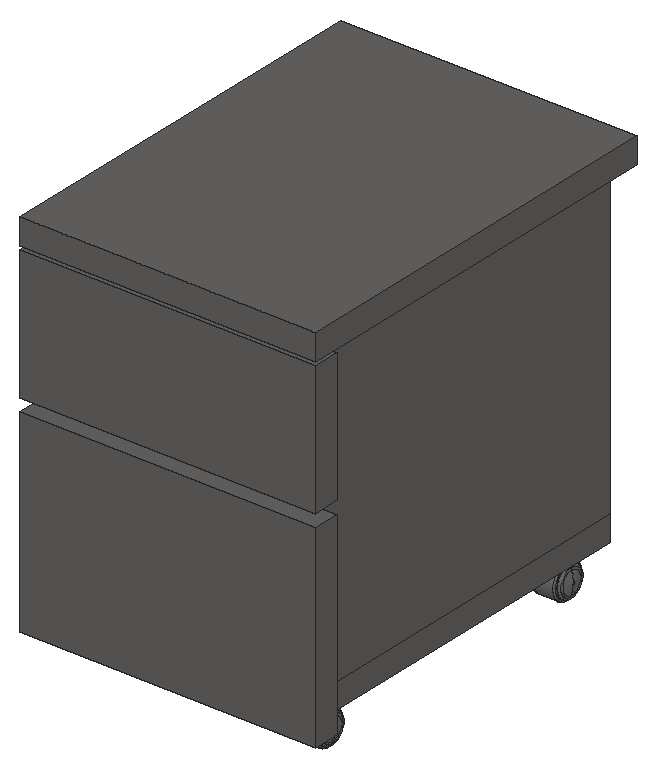
Revit family "Storage-Pedestal-Teknion-ZXMP-R2011", category Furniture Systems, Revit 2013
Parameters (values of type "24" x 18" x 25"")
  Width = 17.717"
  Warranty = "http://www.teknionstudio.com/pdfs/Teknion%20Studio%20Warranty.pdf"
  Unit Weight = 82.00 lbf
  Unit Finish [instance] = Veneer - Teknion - P7 - Grey Oak
  URL = "www.teknionstudio.com"
  Tabletop Right Length = if(Has Right Door, 40", if(Has Double Right Door, 60", 20"))  # 60"
  Tabletop Left Length = if(Has Left Door, 40", if(Has Double Left Door, 60", 20"))  # 60"
  Tabletop Cutout Offset = if(Has Wire Management, 0", 4")  # 0"
  Single Door Cutout Offset = if(Has Left Door, 0", if(Has Right Door, 0", 4"))  # 4"
  Series = "B&B Italia"
  Right Doors Length = if(Has Right Door, (40" - 1.575"), if(Has Double Right Door, (60" - 1.575"), 18.425"))  # 58.425"
  Product Page URL = "http://www.teknionstudio.com/acexecutive/"
  Product Line = "AC Executive"
  Product Documentation Link = "http://www.teknionstudio.com/pricing/ac_executive_ppg.pdf"
  Part Number = "ZXMP"
  Model = "ZXFP241825"
  Manufacturer Phone = "919-464-2920"
  Manufacturer Fax = "919-464-2927"
  Manufacturer Email = "customersupport@teknionstudio.com"
  Manufacturer Address = "3940 US 70 Business HWY West, Clayton, NC 27520"
  Manufacturer = "Teknion Studio"  # constant formula
  Low Emitting Material = yes
  Low Emitting Finish = yes
  Left and Right Reference Planes Offset = if(Has Double Right Door, 0", if(Has Double Left Door, 40", if(Has Right Door, 20", 40")))  # 0"
  Left Doors Length = if(Has Left Door, (40" - 1.575"), if(Has Double Left Door, (60" - 1.575"), 18.425"))  # 58.425"
  Height = 24.96"  # constant formula
  Has Left Door = no
  Has Double Left Door = yes
  Has Right Door = no
  Has Double Right Door = yes
  Has Wire Management = yes
  Drawers Length = 40"  # constant formula
  Double Door Cutout Offset = if(Has Double Left Door, 0", if(Has Double Right Door, 0", 5"))  # 0"
  Description = "Mobile Pedestal, 24\"d x 18\"w x 25\"h"
  Depth = 24"  # constant formula
  Bottom Rigth Length = if(Has Right Door, 40", if(Has Double Right Door, 60", 20"))  # 60"
  Bottom Left Length = if(Has Left Door, 40", if(Has Double Left Door, 60", 20"))  # 60"
  Assembly Code = "E2020200"
Reference planes (in)
  plane 1 "Center F/B": y = 0
  plane 2: z = 0
  plane 3 "Center L/R": x = 0
  plane 4 "Unit Left": x = -7.2835
  plane 5 "Unit Right": x = 7.2835
  plane 6 "Back": y = 12
  plane 7 "Front": y = -12
  plane 8 "Top": z = 24.96
  plane 9: z = 2.6181
  plane 10 "Wheel Centerline": y = -7.8424
  plane 11 "Elevation": z = 13.01936
  plane 12: z = 23.42063
  plane 13 "Left": x = -8.8585
  plane 14 "Right": x = 8.8585
  plane 15: x = -5.6368
  plane 16: x = 5.6368
  plane 17 "Wheel Back Centerline": y = 10.0491
  plane 18: z = 1.06334
Forms (in)
  Sweep 1, solid, material "Veneer - Teknion - P7 - Grey Oak" <- "Unit Finish"
    path origin (0, 0, 15.40683) x (-1, 0, 0) y (0, -1, 0)
      loop
        line (0, -12) -> (0, 12)
    profile origin (0, 0, 15.40683) x (1, 0, 0) y (0, 0, 1)
      loop
        line (-8.8585, 9.55317) -> (-8.8585, 8.0138) -> (8.8585, 8.0138) -> (8.8585, 9.55317) -> (-8.8585, 9.55317)
  Sweep 2, solid, material "Veneer - Teknion - P7 - Grey Oak" <- "Unit Finish"
    path origin (0, -12, 0) x (1, 0, 0) y (0, 0, 1)
      loop
        line (-7.2835, 2.6181) -> (7.2835, 2.6181)
    profile origin (0, -12, 2.6181) x (0, 0, 1) y (0, -1, 0)
      loop
        line (1.53937, -1.6) -> (0, -1.6) -> (0, -24) -> (1.53937, -24) -> (1.53937, -1.6)
  Sweep 3, solid, material "Veneer - Teknion - P7 - Grey Oak" <- "Unit Finish"
    path origin (0, 0, 15.40683) x (-1, 0, 0) y (0, -1, 0)
      loop
        line (7.2835, 0) -> (-7.2835, 0)
    profile origin (0, 0, 15.40683) x (0, 1, 0) y (0, 0, 1)
      loop
        line (12, -11.24936) -> (12, 8.0138) -> (-10.32283, 8.0138) -> (-10.32283, -11.24936) -> (12, -11.24936)
  Sweep 4, solid, material "Veneer - Teknion - P7 - Grey Oak" <- "Unit Finish"
    path origin (0, -12, 0) x (1, 0, 0) y (0, 0, 1)
      loop
        line (-8.8585, 13.01936) -> (8.8585, 13.01936)
    profile origin (0, -12, 13.01936) x (0, 0, 1) y (0, -1, 0)
      loop
        line (10.15126, -1.6) -> (10.15126, 0) -> (2.25006, 0) -> (2.25006, -1.6) -> (10.15126, -1.6)
      loop
        line (1.46266, 0) -> (-10.33876, 0) -> (-10.33876, -1.6) -> (1.46266, -1.6) -> (1.46266, 0)
  Revolve 5, solid, material "Plastic - Teknion - Black Matte"
    sketch origin (0, -7.8424, 0) x (0, 0, -1) y (1, 0, 0)
      loop
        line (-1.06334, -6.64302) -> (-1.06334, -4.63058) -> (-1.1252, -4.63058) -> (-1.73224, -4.74858) -> (-1.8542, -4.74858)
        arc (-1.8542, -4.74858) -> (-1.93552, -4.78226) -> (-1.9692, -4.86358) r 0.115
        line (-1.9692, -4.86358) -> (-1.9692, -4.93771) -> (-2.02213, -4.93771)
        arc (-2.02213, -4.93771) -> (-2.07781, -4.96077) -> (-2.10087, -5.01645) r 0.07874
        line (-2.10087, -5.01645) -> (-2.10087, -6.2566)
        arc (-2.10087, -6.2566) -> (-2.07781, -6.31228) -> (-2.02213, -6.33534) r 0.07874
        line (-2.02213, -6.33534) -> (-1.9692, -6.33534) -> (-1.9692, -6.41002)
        arc (-1.9692, -6.41002) -> (-1.93552, -6.49134) -> (-1.8542, -6.52502) r 0.115
        line (-1.8542, -6.52502) -> (-1.73224, -6.52502) -> (-1.1252, -6.64302) -> (-1.06334, -6.64302)
      axis (-1.06334, -6.64302) -> (-1.06334, -4.63058)
    angle from 0 to 360
  Revolve 6, solid, material "Plastic - Teknion - Black Matte"
    sketch origin (0, -7.8424, 0) x (0, 0, -1) y (-1, 0, 0)
      loop
        line (-1.06334, -6.64302) -> (-1.06334, -4.63058) -> (-1.1252, -4.63058) -> (-1.73224, -4.74858) -> (-1.8542, -4.74858)
        arc (-1.8542, -4.74858) -> (-1.93552, -4.78226) -> (-1.9692, -4.86358) r 0.115
        line (-1.9692, -4.86358) -> (-1.9692, -4.93771) -> (-2.02213, -4.93771)
        arc (-2.02213, -4.93771) -> (-2.07781, -4.96077) -> (-2.10087, -5.01645) r 0.07874
        line (-2.10087, -5.01645) -> (-2.10087, -6.2566)
        arc (-2.10087, -6.2566) -> (-2.07781, -6.31228) -> (-2.02213, -6.33534) r 0.07874
        line (-2.02213, -6.33534) -> (-1.9692, -6.33534) -> (-1.9692, -6.41002)
        arc (-1.9692, -6.41002) -> (-1.93552, -6.49134) -> (-1.8542, -6.52502) r 0.115
        line (-1.8542, -6.52502) -> (-1.73224, -6.52502) -> (-1.1252, -6.64302) -> (-1.06334, -6.64302)
      axis (-1.06334, -6.64302) -> (-1.06334, -4.63058)
    angle from 0 to 360
  Revolve 7, solid, material "Plastic - Teknion - Black Matte"
    sketch origin (0, 10.0491, 0) x (0, 0, -1) y (1, 0, 0)
      loop
        line (-1.06334, -6.64302) -> (-1.06334, -4.63058) -> (-1.1252, -4.63058) -> (-1.73224, -4.74858) -> (-1.8542, -4.74858)
        arc (-1.8542, -4.74858) -> (-1.93552, -4.78226) -> (-1.9692, -4.86358) r 0.115
        line (-1.9692, -4.86358) -> (-1.9692, -4.93771) -> (-2.02213, -4.93771)
        arc (-2.02213, -4.93771) -> (-2.07781, -4.96077) -> (-2.10087, -5.01645) r 0.07874
        line (-2.10087, -5.01645) -> (-2.10087, -6.2566)
        arc (-2.10087, -6.2566) -> (-2.07781, -6.31228) -> (-2.02213, -6.33534) r 0.07874
        line (-2.02213, -6.33534) -> (-1.9692, -6.33534) -> (-1.9692, -6.41002)
        arc (-1.9692, -6.41002) -> (-1.93552, -6.49134) -> (-1.8542, -6.52502) r 0.115
        line (-1.8542, -6.52502) -> (-1.73224, -6.52502) -> (-1.1252, -6.64302) -> (-1.06334, -6.64302)
      axis (-1.06334, -6.64302) -> (-1.06334, -4.63058)
    angle from 0 to 360
  Revolve 8, solid, material "Plastic - Teknion - Black Matte"
    sketch origin (0, 10.0491, 0) x (0, 0, -1) y (1, 0, 0)
      loop
        line (-1.06334, 6.64302) -> (-1.1252, 6.64302) -> (-1.73224, 6.52502) -> (-1.8542, 6.52502)
        arc (-1.8542, 6.52502) -> (-1.93552, 6.49134) -> (-1.9692, 6.41002) r 0.115
        line (-1.9692, 6.41002) -> (-1.9692, 6.33534) -> (-2.02213, 6.33534)
        arc (-2.02213, 6.33534) -> (-2.07781, 6.31228) -> (-2.10087, 6.2566) r 0.07874
        line (-2.10087, 6.2566) -> (-2.10087, 5.01645)
        arc (-2.10087, 5.01645) -> (-2.07781, 4.96077) -> (-2.02213, 4.93771) r 0.07874
        line (-2.02213, 4.93771) -> (-1.9692, 4.93771) -> (-1.9692, 4.86358)
        arc (-1.9692, 4.86358) -> (-1.93552, 4.78226) -> (-1.8542, 4.74858) r 0.115
        line (-1.8542, 4.74858) -> (-1.73224, 4.74858) -> (-1.1252, 4.63058) -> (-1.06334, 4.63058) -> (-1.06334, 6.64302)
      axis (-1.06334, 6.64302) -> (-1.06334, 4.63058)
    angle from 0 to 360
  Sweep 9, solid, material "Plastic - Teknion - Black Matte"
    path origin (0, -12, 0) x (1, 0, 0) y (0, 0, 1)
      loop
        line (0, 2.6181) -> (0, 1.06334)
    profile origin (0, -12, 1.84072) x (0, -1, 0) y (1, 0, 0)
      loop
        circle (-21.5991, -5.6368) r 0.2395
      loop
        circle (-21.5991, 5.6368) r 0.2395
      loop
        circle (-3.7076, -5.6368) r 0.2395
      loop
        circle (-3.7076, 5.6368) r 0.2395
Cuts and joins
  joined: Revolve 5, Revolve 6, Revolve 7, Revolve 8, Sweep 9
Lines and regions (in)
  Masking region 1
    outline origin (0, 0, 15.40683) x (-1, 0, 0) y (0, -1, 0)
      loop
        line (8.8585, -12) -> (8.8585, 12) -> (-8.8585, 12) -> (-8.8585, -12) -> (8.8585, -12)
Dimensions and locks (in)
  equal spacing: plane 6 "Back", plane 1 "Center F/B", plane 7 "Front"
  "Depth": plane 6 "Back" to plane 7 "Front"
  locked: plane 13 "Left" to plane 4 "Unit Left" at 1.575
  locked: plane 5 "Unit Right" to plane 14 "Right" at 1.575
  "Height": plane 8 "Top" to plane 2
  plane 9 to plane 2 = 2.6181"
  locked: plane 7 "Front" to Sweep 2 sketch curve at 1.6
  locked: plane 8 "Top" to Sweep 3 sketch curve at 1.53937
  locked: Sweep 3 sketch curve to plane 7 "Front" at 1.67717
  locked: plane 8 "Top" to plane 12 at 1.53937
  equal spacing: plane 12, plane 11 "Elevation", plane 9
  locked: Sweep 4 sketch curve to plane 12 at 0.25
  locked: Sweep 4 sketch curve to plane 7 "Front" at 1.6  (x2)
  equal spacing: plane 13 "Left", plane 3 "Center L/R", plane 14 "Right"
  "Width": plane 13 "Left" to plane 14 "Right"
  locked: plane 7 "Front" to plane 10 "Wheel Centerline" at 4.1576
  locked: Sweep 4 sketch curve to Sweep 4 sketch curve at 7.9012
  locked: Sweep 4 sketch curve to Sweep 4 sketch curve at 0.7874
  locked: plane 13 "Left" to plane 15 at 3.2217
  locked: plane 16 to plane 14 "Right" at 3.2217
  locked: Sweep 2 sketch curve to plane 9 at 1.53937
  locked: plane 9 to Sweep 3 sketch curve at 1.53937
  locked: Sweep 4 sketch curve to plane 9 at 0.0625
  locked: plane 17 "Wheel Back Centerline" to plane 6 "Back" at 1.9509
  locked: plane 18 to plane 2 at 1.06334
  Revolve 5 sketch curve to Revolve 5 sketch curve to Revolve 5 sketch curve to plane 15 to Revolve 5 sketch curve to Revolve 5 sketch curve to Revolve 5 sketch curve = 0.118" locked, 0.18968" locked, 0.69854" locked, 0.69909" locked, 0.18913" locked, 0.118" locked
  locked: Revolve 5 sketch curve to plane 18 at 1.03753
  locked: Revolve 6 sketch curve to plane 18 at 1.03753
  Revolve 6 sketch curve to Revolve 6 sketch curve to Revolve 6 sketch curve to plane 16 to Revolve 6 sketch curve to Revolve 6 sketch curve to Revolve 6 sketch curve = 0.118" locked, 0.18913" locked, 0.69909" locked, 0.69854" locked, 0.18968" locked, 0.118" locked
  locked: Revolve 7 sketch curve to plane 18 at 1.03753
  Revolve 7 sketch curve to Revolve 7 sketch curve to Revolve 7 sketch curve to plane 15 to Revolve 7 sketch curve to Revolve 7 sketch curve to Revolve 7 sketch curve = 0.118" locked, 0.18968" locked, 0.69854" locked, 0.69909" locked, 0.18913" locked, 0.118" locked
  locked: Revolve 8 sketch curve to plane 18 at 1.03753
  Revolve 8 sketch curve to plane 16 to Revolve 8 sketch curve = 1.00622" locked, 1.00622" locked
  Revolve 8 sketch curve to Revolve 8 sketch curve to plane 16 to Revolve 8 sketch curve to Revolve 8 sketch curve = 0.18968" locked, 0.69854" locked, 0.69909" locked, 0.18913" locked
  locked: Sweep 9 sketch curve to plane 17 "Wheel Back Centerline" at 0.45  (x2)
  locked: Sweep 9 sketch curve to plane 10 "Wheel Centerline" at 0.45  (x2)
  aligned and locked: level to plane 2
  aligned and locked: plane 6 "Back" to Sweep 1 sketch curve
  aligned and locked: plane 7 "Front" to Sweep 1 sketch curve
  aligned and locked: Sweep 1 sketch curve to plane 3 "Center L/R"
  aligned and locked: Sweep 1 sketch curve to plane 8 "Top"
  aligned and locked: Sweep 2 sketch curve to plane 9  (x2)
  aligned and locked: Sweep 2 sketch curve to plane 6 "Back"
  aligned and locked: plane 1 "Center F/B" to Sweep 3 sketch curve
  aligned and locked: plane 6 "Back" to Sweep 3 sketch curve
  aligned and locked: Sweep 4 sketch curve to plane 11 "Elevation"
  aligned and locked: plane 7 "Front" to Sweep 4 sketch curve
  aligned and locked: Sweep 4 sketch curve to profile plane
  aligned and locked: plane 13 "Left" to Sweep 4 sketch curve
  aligned and locked: plane 14 "Right" to Sweep 4 sketch curve
  aligned and locked: plane 4 "Unit Left" to Sweep 3 sketch curve
  aligned and locked: plane 5 "Unit Right" to Sweep 3 sketch curve
  aligned and locked: plane 4 "Unit Left" to Sweep 2 sketch curve
  aligned and locked: plane 5 "Unit Right" to Sweep 2 sketch curve
  aligned and locked: plane 13 "Left" to Sweep 1 sketch curve
  aligned and locked: plane 14 "Right" to Sweep 1 sketch curve
  aligned and locked: plane 12 to Sweep 1 sketch curve
  aligned and locked: Masking region 1 sketch curve to plane 6 "Back"
  aligned and locked: Masking region 1 sketch curve to plane 7 "Front"
  aligned and locked: plane 13 "Left" to Masking region 1 sketch curve
  aligned and locked: plane 14 "Right" to Masking region 1 sketch curve
  aligned and locked: Revolve 5 sketch curve to Revolve 5 sketch curve
  aligned and locked: Revolve 5 sketch curve to plane 18
  aligned and locked: Revolve 6 sketch curve to Revolve 6 sketch curve
  aligned and locked: Revolve 7 sketch curve to Revolve 7 sketch curve
  aligned and locked: Revolve 8 sketch curve to Revolve 8 sketch curve
  aligned and locked: plane 18 to Revolve 6 sketch curve
  aligned and locked: plane 18 to Revolve 7 sketch curve
  aligned and locked: plane 18 to Revolve 8 sketch curve
  aligned and locked: plane 9 to Sweep 9 sketch curve
  aligned and locked: plane 18 to Sweep 9 sketch curve
  aligned and locked: plane 15 to Sweep 9 sketch curve  (x2)
  aligned and locked: plane 16 to Sweep 9 sketch curve  (x2)
Automatic sketch dimensions
  plane 18 to Revolve 5 sketch curve = 0.06186"  (x2)
  Revolve 5 sketch curve to Revolve 5 sketch curve = 0.60704"
  Revolve 5 sketch curve to Revolve 5 sketch curve = 0.12196"  (x2)
  Revolve 5 sketch curve to Revolve 5 sketch curve = 0.05293"  (x2)
  Revolve 5 sketch curve to Revolve 5 sketch curve = 0.07874"
  Revolve 5 sketch curve to plane 4 "Unit Left" = 0.76757"
  Revolve 5 sketch curve to Revolve 5 sketch curve = 0.07468"
  Revolve 5 sketch curve to Revolve 5 sketch curve = 0.07413"
  Revolve 5 sketch curve to Revolve 5 sketch curve = 1.07951"
  Revolve 6 sketch curve to Revolve 6 sketch curve = 0.06186"  (x2)
  Revolve 6 sketch curve to Revolve 6 sketch curve = 0.60704"
  Revolve 6 sketch curve to Revolve 6 sketch curve = 0.12196"  (x2)
  Revolve 6 sketch curve to Revolve 6 sketch curve = 0.05293"  (x2)
  Revolve 6 sketch curve to Revolve 6 sketch curve = 0.07874"
  Revolve 6 sketch curve to plane 5 "Unit Right" = 0.76757"
  Revolve 6 sketch curve to Revolve 6 sketch curve = 0.07468"
  Revolve 6 sketch curve to Revolve 6 sketch curve = 0.07413"
  Revolve 6 sketch curve to Revolve 6 sketch curve = 1.07951"
  plane 18 to Revolve 7 sketch curve = 0.06186"  (x2)
  Revolve 7 sketch curve to Revolve 7 sketch curve = 0.60704"
  Revolve 7 sketch curve to Revolve 7 sketch curve = 0.12196"  (x2)
  Revolve 7 sketch curve to Revolve 7 sketch curve = 0.05293"  (x2)
  Revolve 7 sketch curve to Revolve 7 sketch curve = 0.07874"
  Revolve 7 sketch curve to plane 4 "Unit Left" = 0.76757"
  Revolve 7 sketch curve to Revolve 7 sketch curve = 0.07468"
  Revolve 7 sketch curve to Revolve 7 sketch curve = 0.07413"
  Revolve 7 sketch curve to Revolve 7 sketch curve = 1.07951"
  plane 18 to Revolve 8 sketch curve = 0.06186"
  Revolve 8 sketch curve to Revolve 8 sketch curve = 0.06186"
  Revolve 8 sketch curve to Revolve 8 sketch curve = 0.60704"
  Revolve 8 sketch curve to Revolve 8 sketch curve = 0.12196"  (x2)
  Revolve 8 sketch curve to Revolve 8 sketch curve = 0.05293"  (x2)
  Revolve 8 sketch curve to Revolve 8 sketch curve = 0.07874"
  plane 16 to Revolve 8 sketch curve = 2.08573"
  Revolve 8 sketch curve to Revolve 8 sketch curve = 0.07413"
  Revolve 8 sketch curve to Revolve 8 sketch curve = 0.07468"
  plane 5 "Unit Right" to Revolve 8 sketch curve = 0.76757"
  Sweep 9 sketch curve to plane 3 "Center L/R" = 0"
  radius of Sweep 9 sketch curve = 0.2395"  (x4)
